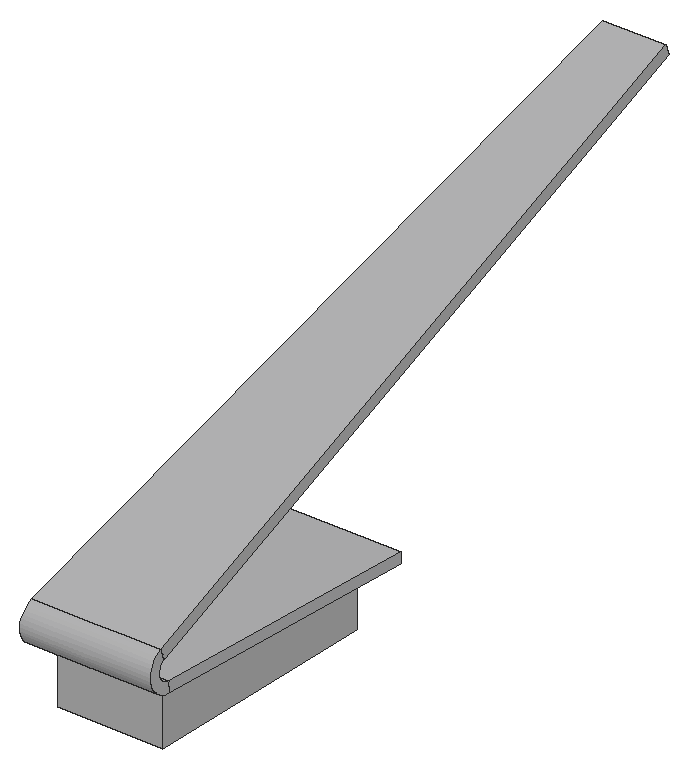
Revit family "3039984 Lighting Fixture_Sylvania_Lumina FlareLED_Wall Mounted", category Lighting Fixtures, host Face, Revit 2017
Family settings
  Host = Face
  Round Connector Dimension = Use Diameter
  Part Type = Normal
  OmniClass Number = 23.80.70.11.17
  OmniClass Title = Specialized Lighting by Location or Use
  Cut with Voids When Loaded = No
  Light Source = Yes
  Shared = No
  Room Calculation Point = No
Parameters (values of type "Lumina Flare LED 2700K")
  Wattage = 12 W
  built-in parameter 1150110 = 1 (stored number, unit not read)
  Voltage Comments = "UNV (Universal Voltage; 100-240 Volt)"  # constant formula
  Voltage = 240 V  # constant formula
  URL = "http://www.sylvania-lighting.com"
  built-in parameter 1114217 = 1 (stored number, unit not read)
  Tilt Angle = -90.00°
  built-in parameter 1150109 = 1 (stored number, unit not read)
  built-in parameter 1150134 = (empty or 0)
  built-in parameter 1150113 = 1 (stored number, unit not read)
  Width = 75.0 mm  # constant formula
  Photometric Web File = "3039984_LuminaFlareLED2700K-183057.ies"
  Product Page URL = "http://www.sylvania-lighting.com/product/en-int/products/3039984"
  Product Family = "Lumina LED"  # constant formula
  Photometry Comments = ""
  built-in parameter 1150105 = 38.197 (stored number, unit not read)
  Lumens = 480 lm
  built-in parameter 1150115 = 1 (stored number, unit not read)
  built-in parameter 1150137 = (empty or 0)
  built-in parameter 1150139 = (empty or 0)
  Light Distribution = "Indirect"  # constant formula
  Life = "30 000h"  # constant formula
  Length = 327.3 mm  # constant formula
  built-in parameter 1150112 = 1 (stored number, unit not read)
  built-in parameter 1150114 = 1 (stored number, unit not read)
  built-in parameter 1150132 = 2
  built-in parameter 1150102 = (empty or 0)
  built-in parameter 1150107 = 2700 (stored number, unit not read)
  built-in parameter 1150138 = (empty or 0)
  built-in parameter 1150106 = 0.38197 (stored number, unit not read)
  IP Rating = "IP20"  # constant formula
  Height = 159.0 mm  # constant formula
  Energy Class = "A++, A+, A"  # constant formula
  Emit from Line Length = 338.0 mm
  Electrical Protection = "Class II"  # constant formula
  built-in parameter 1150104 = 3.7161 (stored number, unit not read)
  Drive Current = "350mA"  # constant formula
  Dimming Lamp Color Temperature Shift = <None>
  Mounting Length = 115.0 mm
  Mounting Width = 50.0 mm
  Color Filter = 16777215
  built-in parameter 1114218 = 1 (stored number, unit not read)
  built-in parameter 1150133 = 10 (stored number, unit not read)
  Accessory Material = Aluminum_Sylvania_Flare LED_White_RAL 9016
  built-in parameter 1114216 [instance] = 1 (stored number, unit not read)
  Body Material = Aluminum_Sylvania_Flare LED_White_RAL 9016
  Model = "3039984 Lumina Flare LED 2700K"
  Manufacturer = "Feilo Sylvania"  # constant formula
  Lamp = "LED"
  Description = "Lumina LED is a new range of ambient & decorative LED wall lights. Consisting of multiple decorative styles, they are suitable for use in any hospitality or residential application such as reception areas, hallways and lounge spaces. Lumina LED offers a selection of different styles to suit multiple applications. With a 2,700K colour temperature it provides a soft and ambient lighting effect. Lumina LED provides direct/indirect ambient light with an efficacy of up to 87lm/W; up to 50% more energy efficient than equivalent products using traditional lamp sources."  # constant formula
  Default Elevation = 0.0 mm
  built-in parameter 1140040 [instance] = 1
  Assembly Code = "D5020200"
  Apparent Load Comments = ""
  Apparent Load = 12 VA
Reference planes
  plane 1 "Center (Front/Back)": y = 0
  plane 2: z = 0
  plane 3 "Center (Left/Right)": x = 0
  plane 4: x = 25
  plane 5: x = -25
  plane 6: y = 57.5
  plane 7: y = -57.5
  plane 8 "Base Start": y = 67.5
  plane 9 "Base End": y = -62.5
  plane 10 "Fixture Left": x = -37.5
  plane 11 "Fixture Right": x = 37.5
  plane 12: x = -31.5
  plane 13: x = 31.5
  plane 14 "Curve End": through (0, -64.151, 42.72) normal (0, 0.9439, 0.3302)
  plane 15 "Top End": through (0, 254.805, 154.28) normal (0, 0.9439, 0.3302)
  plane 16: x = 30.631
  plane 17: x = -30.631
  plane 18: x = -15
  plane 19: x = 15
  plane 20: through (0, -64.151, 42.72) normal (0, 0.3302, -0.9439)
  plane 21 "Fixture Front": z = 159
  plane 22 "Mounting Front": z = 28
  plane 23: z = 33
  plane 24 "Fixture Top": y = 254.805
  plane 25 "Fixture Bottom": y = -72.495
  plane 26: through (0, 83.46, 132.429) normal (0, -0.9439, -0.3302)
Forms (mm)
  Extrusion 1, solid, material "Aluminum_Sylvania_Flare LED_White_RAL 9016" <- "Body Material"
    sketch origin (-389.213, -4572, -85) x (-1, 0, 0) y (0, -1, 0)
      loop
        line (-414.213, -4629.5) -> (-364.213, -4629.5) -> (-364.213, -4514.5) -> (-414.213, -4514.5) -> (-414.213, -4629.5)
    from 85 to 113
  Blend 2, solid, material "Aluminum_Sylvania_Flare LED_White_RAL 9016" <- "Accessory Material"
    base sketch origin (0, 67.5, 0) x (0, 0, 1) y (-1, 0, 0)
      loop
        line (33, -37.5) -> (33, 37.5) -> (28, 37.5) -> (28, -37.5) -> (33, -37.5)
    top sketch origin (0, -62.5, 0) x (0, 0, 1) y (-1, 0, 0)
      loop
        line (33, -31.5) -> (33, 31.5) -> (28, 31.5) -> (28, -31.5) -> (33, -31.5)
    from 0 to 0
  Blend 3, solid, material "Aluminum_Sylvania_Flare LED_White_RAL 9016" <- "Accessory Material"
    base sketch origin (0, -43.845, -15.336) x (0, 0.330155, -0.943927) y (-1, 0, 0)
      loop
        line (-61.504, 30.631) -> (-66.504, 30.631) -> (-66.504, -30.631) -> (-61.504, -30.631) -> (-61.504, 30.631)
    top sketch origin (0, 275.111, 96.225) x (0, 0.330155, -0.943927) y (-1, 0, 0)
      loop
        line (-61.504, 15) -> (-66.504, 15) -> (-66.504, -15) -> (-61.504, -15) -> (-61.504, 15)
    from 0 to 0
  SweptBlend 4, solid, material "Aluminum_Sylvania_Flare LED_White_RAL 9016" <- "Accessory Material"
    path origin (0, 0, 0) x (0, 1, 0) y (0, 0, 1)
      loop
        arc (-64.989, 45.157) -> (-69.933, 36.777) -> (-62.5, 30.5) r 7.54
    profile origin (0, -64.989, 45.157) x (0, 0.330154, -0.943927) y (1, 0, 0)
      loop
        line (2.578, -30.631) -> (2.578, 30.631) -> (-2.422, 30.631) -> (-2.422, -30.631) -> (2.578, -30.631)
    end profile origin (0, -62.5, 30.5) x (0, -0.000002, 1) y (1, 0, 0)
      loop
        line (2.5, 31.5) -> (-2.5, 31.5) -> (-2.5, -31.5) -> (2.5, -31.5) -> (2.5, 31.5)
Cuts and joins
  joined: Blend 2, Blend 3, SweptBlend 4
Lines and regions (mm)
  model lines, style "InvisibleLines"
    curve 1: line (31.5, -62.5, 33) -> (-31.5, -62.5, 33)
    curve 2: line (-31.5, -62.5, 33) -> (-31.5, -62.5, 28)
    curve 3: line (-31.5, -62.5, 28) -> (31.5, -62.5, 28)
    curve 4: line (31.5, -62.5, 28) -> (31.5, -62.5, 33)
    curve 5: line (31.5, -62.5, 33) -> (-31.5, -62.5, 33)
    curve 6: line (-31.5, -62.5, 33) -> (-31.5, -62.5, 28)
    curve 7: line (-31.5, -62.5, 28) -> (31.5, -62.5, 28)
    curve 8: line (31.5, -62.5, 28) -> (31.5, -62.5, 33)
Dimensions and locks
  equal spacing: plane 5, plane 3 "Center (Left/Right)", plane 4
  "Mounting Width": plane 5 to plane 4
  equal spacing: plane 6, plane 1 "Center (Front/Back)", plane 7
  "Mounting Length": plane 6 to plane 7
  equal spacing: plane 11 "Fixture Right", plane 3 "Center (Left/Right)", plane 10 "Fixture Left"
  "Width": plane 11 "Fixture Right" to plane 10 "Fixture Left"
  locked: plane 12 to plane 10 "Fixture Left" at 6
  locked: plane 11 "Fixture Right" to plane 13 at 6
  locked: plane 17 to plane 10 "Fixture Left" at 6.869
  locked: plane 11 "Fixture Right" to plane 16 at 6.869
  locked: plane 18 to plane 10 "Fixture Left" at 22.5
  locked: plane 11 "Fixture Right" to plane 19 at 22.5
  aligned and locked: level to host face
  aligned and locked: level to plane 2
  aligned and locked: Extrusion 1 sketch curve to plane 5
  aligned and locked: Extrusion 1 sketch curve to plane 7
  aligned and locked: plane 4 to Extrusion 1 sketch curve
  aligned and locked: plane 6 to Extrusion 1 sketch curve
  aligned and locked: Extrusion 1 to level
  aligned and locked: plane 9 "Base End" to Blend 2
  aligned and locked: Blend 2 to plane 8 "Base Start"
  aligned and locked: Blend 2 to curve 1
  aligned and locked: curve 2 to Blend 2
  aligned and locked: Blend 2 to curve 3
  aligned and locked: Blend 2 sketch curve to plane 10 "Fixture Left"
  aligned and locked: plane 11 "Fixture Right" to Blend 2 sketch curve
  aligned and locked: Blend 2 sketch curve to plane 12
  aligned and locked: Blend 2 sketch curve to plane 13
  aligned and locked: plane 17 to Blend 3 sketch curve
  aligned and locked: Blend 3 sketch curve to plane 16
  aligned and locked: Blend 3 sketch curve to plane 19
  aligned and locked: plane 18 to Blend 3 sketch curve
  aligned and locked: plane 15 "Top End" to Blend 3
  aligned and locked: SweptBlend 4 sketch curve to Blend 3  (x4)
  aligned and locked: SweptBlend 4 sketch curve to Blend 2  (x4)
  aligned and locked: plane 3 "Center (Left/Right)" to imposter light
  aligned and locked: imposter light to plane 26
  aligned and locked: plane 20 to imposter light
Automatic sketch dimensions
  host sketch curve to host sketch curve = 1548.75 mm
  host sketch curve to host sketch curve = 1415.87 mm
  Blend 2 sketch curve to plane 22 "Mounting Front" = 0.0 mm  (x2)
  Blend 2 sketch curve to Blend 2 sketch curve = 5.0 mm
  plane 22 "Mounting Front" to Blend 2 sketch curve = 5.0 mm
  SweptBlend 4 sketch curve to plane 9 "Base End" = 0.0 mm
  plane 9 "Base End" to SweptBlend 4 sketch curve = 0.0 mm
  plane 9 "Base End" to SweptBlend 4 sketch curve = 2.489 mm
  plane 22 "Mounting Front" to SweptBlend 4 sketch curve = 2.5 mm
  SweptBlend 4 sketch curve to SweptBlend 4 sketch curve = 7.54 mm
  curve 1 to plane 13 = 0.0 mm
  Blend 3 sketch curve to plane 20 = 0.0 mm  (x2)
  Blend 3 sketch curve to plane 20 = 5.0 mm
  Blend 3 sketch curve to Blend 3 sketch curve = 5.0 mm
Connectors
  electrical at (0, 0, 0), driven by "Voltage", driven by "Apparent Load"
    settings: on Extrusion 1, index 1, voltage 240 V, apparent load 0 VA, apparent load phase1 12 VA, apparent load phase2 0 VA, apparent load phase3 0 VA, power factor 1, load classification "Lighting", number of poles 1, system type 31, power factor state 1, is connector primary yes, connector utility no, sub classification motor no, connector description ""
